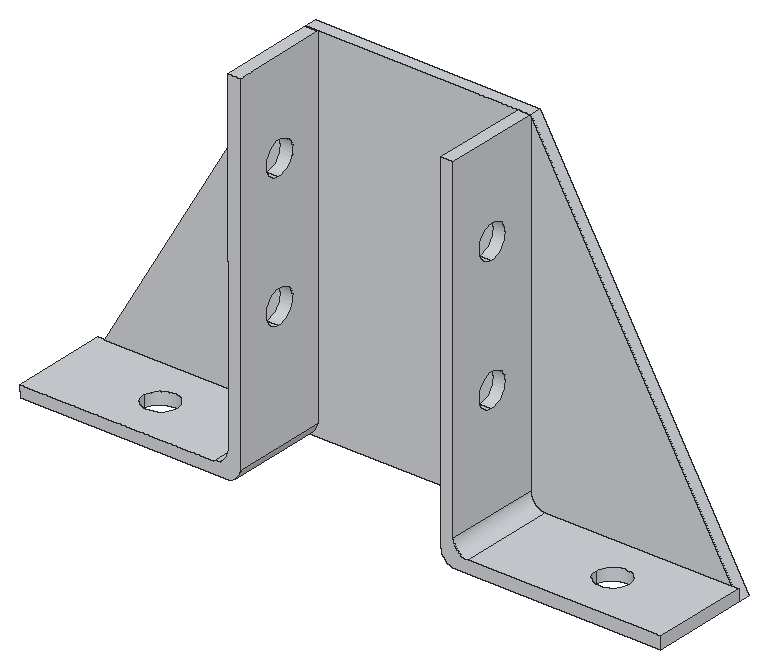
Revit family "MP37", category Generic Models, Revit 2017
Family settings
  Can host rebar = No
  Round Connector Dimension = Use Diameter
  Part Type = Normal
  Work Plane-Based = Yes
  Always vertical = No
  Cut with Voids When Loaded = No
  Shared = No
  Room Calculation Point = No
Parameters (values of type "NBS Standard Parameters")
  Weight = "2.0417Kg"
  WarrantyStartDate [instance] = "1900-12-31T23:59:59"
  WarrantyGuarantorParts = "n/a"
  WarrantyGuarantorLabor = "n/a"
  WarrantyDurationUnit = "1 year"
  WarrantyDurationParts = "n/a"
  WarrantyDurationLabor = "n/a"
  WarrantyDescription = "n/a"
  Version = "1"
  Uniclass2 = "Pr_65_70_11_19"
  TagNumber [instance] = "n/a"
  SustainabilityPerformance = "n/a"
  Size = "n/a"
  Shape = "n/a"
  SerialNumber [instance] = "n/a"
  Revision = "n/a"
  ReplacementCost = "n/a"
  ProductInformation = "www.metpro.co.uk/pdf/mp37.pdf"
  NominalWidth = 45 mm
  NominalLength = 255 mm
  NominalHeight = 153 mm
  Name = ""
  NBSTypeID = ""
  NBSReference = "90-55-10/305"
  NBSOfficeMasterTag = ""
  NBSNote = ""
  NBSDescription = "Channel Cable Supports"
  NBSCertification = ""
  ModelReference = "MP37"
  ModelNumber = "n/a"
  Material = "Steel"
  ManufacturerURL = "www.metpro.co.uk"
  ManufacturerName = "Metpro Ltd"
  Keynote = "Compliant to LU Standard 1-085"
  InstallationDate [instance] = "1900-12-31T23:59:59"
  IfcExportType = ""
  IfcExportAs = ""
  Grade = "n/a"
  Finish = "Hot Dipped Galvanised"
  Features = "n/a"
  ExpectedLife = "n/a"
  DurationUnit = "year"
  Description = "MP37  Double Channel Gusset Base Plate"
  Default Elevation = 1219.2 mm
  Constituents = "n/a"
  Color = "n/a"
  CodePerformance = "n/a"
  Category = "n/a"
  BarCode [instance] = "n/a"
  BIMObjectName = "metpro_metprolibrary_channelcablesupports_channelbracket"
  Author = "Metpro Ltd"
  AssetType = ""
  AssetIdentifier [instance] = "n/a"
  AccessibilityPerformance = "n/a"
Reference planes
  plane 1 "Center (Front/Back)": y = 0
  plane 2: z = 0
  plane 3 "Center (Left/Right)": x = 0
Forms (mm)
  Extrusion 1, solid
    sketch origin (45.797, 122.096, -59.346) x (1, 0, 0) y (0, 0, 1)
      loop
        line (-32.862, 152.028) -> (-32.862, 12.664)
        arc (-32.862, 12.664) -> (-34.619, 8.421) -> (-38.862, 6.664) r 6
        line (-38.862, 6.664) -> (-118.862, 6.664) -> (-118.862, 1.664) -> (-32.862, 1.664)
        arc (-32.862, 1.664) -> (-29.547, 3.349) -> (-27.862, 6.664) r 6
        line (-27.862, 6.664) -> (-27.862, 152.028) -> (-32.862, 152.028)
      loop
        line (55.138, 152.028) -> (55.138, 7.58)
        arc (55.138, 7.58) -> (56.556, 3.707) -> (60.138, 1.664) r 6
        line (60.138, 1.664) -> (146.138, 1.664) -> (146.138, 6.664) -> (66.138, 6.664)
        arc (66.138, 6.664) -> (61.895, 8.421) -> (60.138, 12.664) r 6
        line (60.138, 12.664) -> (60.138, 152.028) -> (55.138, 152.028)
    from 0 to 40
  Extrusion 2, solid
    sketch origin (45.797, 122.096, -59.346) x (-1, 0, 0) y (0, 0, 1)
      loop
        line (-60.138, 152.028) -> (-146.138, 1.664) -> (118.862, 1.664) -> (32.862, 152.028) -> (-60.138, 152.028)
    from 0 to 5
  Extrusion 3, void
    sketch origin (105.935, 122.096, -2.393) x (0, 0, 1) y (0, 1, 0)
      loop
        circle (56.797, -20) r 7
      loop
        circle (1.797, -20) r 7
    from 0 to 96.604
  Extrusion 4, void
    sketch origin (24.324, 122.096, -57.682) x (1, 0, 0) y (0, 1, 0)
      loop
        circle (-54.9, -20.614) r 7
      loop
        circle (131.612, -20) r 7
    from 0 to 5
Cuts and joins
  Extrusion 3, Extrusion 4 cuts Extrusion 1
Dimensions and locks
  aligned and locked: level to plane 2
